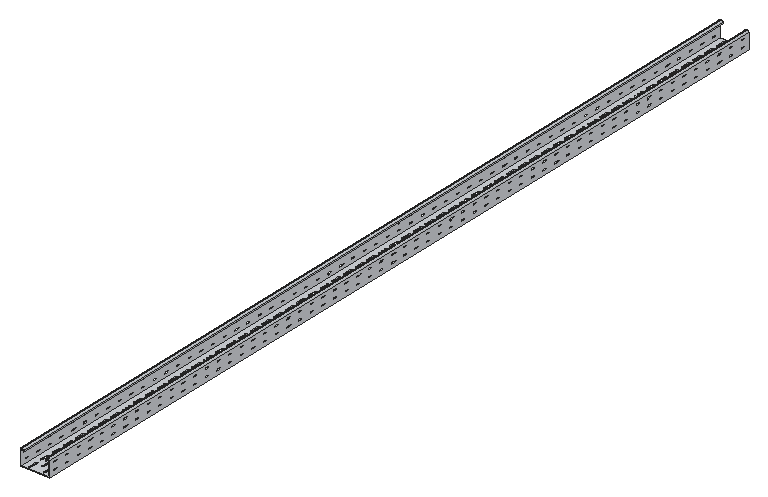
Revit family "Kabelrinne_610_FT_FS_A2_A4_FTSO", category Generic Models, Revit 2017 (continued)
Forms (mm)
  Extrusion 115, void
    sketch origin (11.074, -2600, 25) x (0, 1, 0) y (0, 0, 1)
      loop
        line (-31.5, 11.5) -> (-18.5, 11.5)
        arc (-18.5, 11.5) -> (-15, 15) -> (-18.5, 18.5) r 3.5
    from -61.074 to -59.571
  Extrusion 116, void
    sketch origin (11.074, -2650, 0) x (0, 1, 0) y (0, 0, 1)
      loop
        line (-18.5, 18.5) -> (-31.5, 18.5)
        arc (-31.5, 18.5) -> (-35, 15) -> (-31.5, 11.5) r 3.5
        line (-31.5, 11.5) -> (-18.5, 11.5)
        arc (-18.5, 11.5) -> (-15, 15) -> (-18.5, 18.5) r 3.5
    from -61.074 to -59.571
  Extrusion 117, void
    sketch origin (11.074, -2650, 25) x (0, 1, 0) y (0, 0, 1)
      loop
        line (-18.5, 18.5) -> (-31.5, 18.5)
        arc (-31.5, 18.5) -> (-35, 15) -> (-31.5, 11.5) r 3.5
        line (-31.5, 11.5) -> (-18.5, 11.5)
        arc (-18.5, 11.5) -> (-15, 15) -> (-18.5, 18.5) r 3.5
    from -61.074 to -59.571
  Extrusion 118, void
    sketch origin (11.074, -2700, 0) x (0, 1, 0) y (0, 0, 1)
      loop
        line (-18.5, 18.5) -> (-31.5, 18.5)
        arc (-31.5, 18.5) -> (-35, 15) -> (-31.5, 11.5) r 3.5
        line (-31.5, 11.5) -> (-18.5, 11.5)
        arc (-18.5, 11.5) -> (-15, 15) -> (-18.5, 18.5) r 3.5
    from -61.074 to -59.571
  Extrusion 119, void
    sketch origin (11.074, -2700, 25) x (0, 1, 0) y (0, 0, 1)
      loop
        line (-18.5, 18.5) -> (-31.5, 18.5)
        arc (-31.5, 18.5) -> (-35, 15) -> (-31.5, 11.5) r 3.5
        line (-31.5, 11.5) -> (-18.5, 11.5)
        arc (-18.5, 11.5) -> (-15, 15) -> (-18.5, 18.5) r 3.5
    from -61.074 to -59.571
  Extrusion 120, void
    sketch origin (11.074, -2750, 0) x (0, 1, 0) y (0, 0, 1)
      loop
        line (-18.5, 18.5) -> (-31.5, 18.5)
        arc (-31.5, 18.5) -> (-35, 15) -> (-31.5, 11.5) r 3.5
        line (-31.5, 11.5) -> (-18.5, 11.5)
        arc (-18.5, 11.5) -> (-15, 15) -> (-18.5, 18.5) r 3.5
    from -61.074 to -59.571
  Extrusion 121, void
    sketch origin (11.074, -2750, 25) x (0, 1, 0) y (0, 0, 1)
      loop
        line (-18.5, 18.5) -> (-31.5, 18.5)
        arc (-31.5, 18.5) -> (-35, 15) -> (-31.5, 11.5) r 3.5
        line (-31.5, 11.5) -> (-18.5, 11.5)
        arc (-18.5, 11.5) -> (-15, 15) -> (-18.5, 18.5) r 3.5
    from -61.074 to -59.571
  Extrusion 122, void
    sketch origin (11.074, -2800, 0) x (0, 1, 0) y (0, 0, 1)
      loop
        line (-18.5, 18.5) -> (-31.5, 18.5)
        arc (-31.5, 18.5) -> (-35, 15) -> (-31.5, 11.5) r 3.5
        line (-31.5, 11.5) -> (-18.5, 11.5)
        arc (-18.5, 11.5) -> (-15, 15) -> (-18.5, 18.5) r 3.5
    from -61.074 to -59.571
  Extrusion 123, void
    sketch origin (11.074, -2800, 25) x (0, 1, 0) y (0, 0, 1)
      loop
        line (-18.5, 18.5) -> (-31.5, 18.5)
        arc (-31.5, 18.5) -> (-35, 15) -> (-31.5, 11.5) r 3.5
        line (-31.5, 11.5) -> (-18.5, 11.5)
        arc (-18.5, 11.5) -> (-15, 15) -> (-18.5, 18.5) r 3.5
    from -61.074 to -59.571
  Extrusion 124, void
    sketch origin (11.074, -2850, 0) x (0, 1, 0) y (0, 0, 1)
      loop
        line (-18.5, 18.5) -> (-31.5, 18.5)
        arc (-31.5, 18.5) -> (-35, 15) -> (-31.5, 11.5) r 3.5
        line (-31.5, 11.5) -> (-18.5, 11.5)
        arc (-18.5, 11.5) -> (-15, 15) -> (-18.5, 18.5) r 3.5
    from -61.074 to -59.571
  Extrusion 125, void
    sketch origin (11.074, -2850, 25) x (0, 1, 0) y (0, 0, 1)
      loop
        line (-18.5, 18.5) -> (-31.5, 18.5)
        arc (-31.5, 18.5) -> (-35, 15) -> (-31.5, 11.5) r 3.5
        line (-31.5, 11.5) -> (-18.5, 11.5)
        arc (-18.5, 11.5) -> (-15, 15) -> (-18.5, 18.5) r 3.5
    from -61.074 to -59.571
  Extrusion 126, void
    sketch origin (11.074, -2900, 0) x (0, 1, 0) y (0, 0, 1)
      loop
        line (-18.5, 18.5) -> (-31.5, 18.5)
        arc (-31.5, 18.5) -> (-35, 15) -> (-31.5, 11.5) r 3.5
        line (-31.5, 11.5) -> (-18.5, 11.5)
        arc (-18.5, 11.5) -> (-15, 15) -> (-18.5, 18.5) r 3.5
    from -61.074 to -59.571
  Extrusion 127, void
    sketch origin (11.074, -2900, 25) x (0, 1, 0) y (0, 0, 1)
      loop
        line (-18.5, 18.5) -> (-31.5, 18.5)
        arc (-31.5, 18.5) -> (-35, 15) -> (-31.5, 11.5) r 3.5
        line (-31.5, 11.5) -> (-18.5, 11.5)
        arc (-18.5, 11.5) -> (-15, 15) -> (-18.5, 18.5) r 3.5
    from -61.074 to -59.571
  Extrusion 128, void
    sketch origin (11.074, -2950, 0) x (0, 1, 0) y (0, 0, 1)
      loop
        line (-18.5, 18.5) -> (-31.5, 18.5)
        arc (-31.5, 18.5) -> (-35, 15) -> (-31.5, 11.5) r 3.5
        line (-31.5, 11.5) -> (-18.5, 11.5)
        arc (-18.5, 11.5) -> (-15, 15) -> (-18.5, 18.5) r 3.5
    from -61.074 to -59.571
  Extrusion 129, void
    sketch origin (11.074, -2950, 25) x (0, 1, 0) y (0, 0, 1)
      loop
        line (-18.5, 18.5) -> (-31.5, 18.5)
        arc (-31.5, 18.5) -> (-35, 15) -> (-31.5, 11.5) r 3.5
        line (-31.5, 11.5) -> (-18.5, 11.5)
        arc (-18.5, 11.5) -> (-15, 15) -> (-18.5, 18.5) r 3.5
    from -61.074 to -59.571
  Extrusion 130, void
    sketch origin (-14.708, -100, 0) x (0, 1, 0) y (0, 0, 1)
      loop
        arc (-31.5, 18.5) -> (-35, 15) -> (-31.5, 11.5) r 3.5
        line (-31.5, 11.5) -> (-18.5, 11.5)
        arc (-18.5, 11.5) -> (-15, 15) -> (-18.5, 18.5) r 3.5
        line (-18.5, 18.5) -> (-31.5, 18.5)
    from 63.177 to 64.708
  Extrusion 131, void
    sketch origin (-14.708, -100, 25) x (0, 1, 0) y (0, 0, 1)
      loop
        arc (-31.5, 18.5) -> (-35, 15) -> (-31.5, 11.5) r 3.5
        line (-31.5, 11.5) -> (-18.5, 11.5)
        arc (-18.5, 11.5) -> (-15, 15) -> (-18.5, 18.5) r 3.5
        line (-18.5, 18.5) -> (-31.5, 18.5)
    from 63.177 to 64.708
  Extrusion 132, void
    sketch origin (-14.708, -150, 0) x (0, 1, 0) y (0, 0, 1)
      loop
        arc (-31.5, 18.5) -> (-35, 15) -> (-31.5, 11.5) r 3.5
        line (-31.5, 11.5) -> (-18.5, 11.5)
        arc (-18.5, 11.5) -> (-15, 15) -> (-18.5, 18.5) r 3.5
        line (-18.5, 18.5) -> (-31.5, 18.5)
    from 63.177 to 64.708
  Extrusion 133, void
    sketch origin (-14.708, -150, 25) x (0, 1, 0) y (0, 0, 1)
      loop
        arc (-31.5, 18.5) -> (-35, 15) -> (-31.5, 11.5) r 3.5
        line (-31.5, 11.5) -> (-18.5, 11.5)
        arc (-18.5, 11.5) -> (-15, 15) -> (-18.5, 18.5) r 3.5
        line (-18.5, 18.5) -> (-31.5, 18.5)
    from 63.177 to 64.708
  Extrusion 134, void
    sketch origin (-14.708, -200, 0) x (0, 1, 0) y (0, 0, 1)
      loop
        arc (-31.5, 18.5) -> (-35, 15) -> (-31.5, 11.5) r 3.5
        line (-31.5, 11.5) -> (-18.5, 11.5)
        arc (-18.5, 11.5) -> (-15, 15) -> (-18.5, 18.5) r 3.5
        line (-18.5, 18.5) -> (-31.5, 18.5)
    from 63.177 to 64.708
  Extrusion 135, void
    sketch origin (-14.708, -200, 25) x (0, 1, 0) y (0, 0, 1)
      loop
        arc (-31.5, 18.5) -> (-35, 15) -> (-31.5, 11.5) r 3.5
        line (-31.5, 11.5) -> (-18.5, 11.5)
        arc (-18.5, 11.5) -> (-15, 15) -> (-18.5, 18.5) r 3.5
        line (-18.5, 18.5) -> (-31.5, 18.5)
    from 63.177 to 64.708
  Extrusion 136, void
    sketch origin (-14.708, -250, 0) x (0, 1, 0) y (0, 0, 1)
      loop
        arc (-31.5, 18.5) -> (-35, 15) -> (-31.5, 11.5) r 3.5
        line (-31.5, 11.5) -> (-18.5, 11.5)
        arc (-18.5, 11.5) -> (-15, 15) -> (-18.5, 18.5) r 3.5
        line (-18.5, 18.5) -> (-31.5, 18.5)
    from 63.177 to 64.708
  Extrusion 137, void
    sketch origin (-14.708, -250, 25) x (0, 1, 0) y (0, 0, 1)
      loop
        arc (-31.5, 18.5) -> (-35, 15) -> (-31.5, 11.5) r 3.5
        line (-31.5, 11.5) -> (-18.5, 11.5)
        arc (-18.5, 11.5) -> (-15, 15) -> (-18.5, 18.5) r 3.5
        line (-18.5, 18.5) -> (-31.5, 18.5)
    from 63.177 to 64.708
  Extrusion 138, void
    sketch origin (-14.708, -300, 0) x (0, 1, 0) y (0, 0, 1)
      loop
        arc (-31.5, 18.5) -> (-35, 15) -> (-31.5, 11.5) r 3.5
        line (-31.5, 11.5) -> (-18.5, 11.5)
        arc (-18.5, 11.5) -> (-15, 15) -> (-18.5, 18.5) r 3.5
        line (-18.5, 18.5) -> (-31.5, 18.5)
    from 63.177 to 64.708
  Extrusion 139, void
    sketch origin (-14.708, -300, 25) x (0, 1, 0) y (0, 0, 1)
      loop
        arc (-31.5, 18.5) -> (-35, 15) -> (-31.5, 11.5) r 3.5
        line (-31.5, 11.5) -> (-18.5, 11.5)
        arc (-18.5, 11.5) -> (-15, 15) -> (-18.5, 18.5) r 3.5
        line (-18.5, 18.5) -> (-31.5, 18.5)
    from 63.177 to 64.708
  Extrusion 140, void
    sketch origin (-14.708, -350, 0) x (0, 1, 0) y (0, 0, 1)
      loop
        arc (-31.5, 18.5) -> (-35, 15) -> (-31.5, 11.5) r 3.5
        line (-31.5, 11.5) -> (-18.5, 11.5)
        arc (-18.5, 11.5) -> (-15, 15) -> (-18.5, 18.5) r 3.5
        line (-18.5, 18.5) -> (-31.5, 18.5)
    from 63.177 to 64.708
  Extrusion 141, void
    sketch origin (-14.708, -350, 25) x (0, 1, 0) y (0, 0, 1)
      loop
        arc (-31.5, 18.5) -> (-35, 15) -> (-31.5, 11.5) r 3.5
        line (-31.5, 11.5) -> (-18.5, 11.5)
        arc (-18.5, 11.5) -> (-15, 15) -> (-18.5, 18.5) r 3.5
        line (-18.5, 18.5) -> (-31.5, 18.5)
    from 63.177 to 64.708
  Extrusion 142, void
    sketch origin (-14.708, -400, 0) x (0, 1, 0) y (0, 0, 1)
      loop
        arc (-31.5, 18.5) -> (-35, 15) -> (-31.5, 11.5) r 3.5
        line (-31.5, 11.5) -> (-18.5, 11.5)
        arc (-18.5, 11.5) -> (-15, 15) -> (-18.5, 18.5) r 3.5
        line (-18.5, 18.5) -> (-31.5, 18.5)
    from 63.177 to 64.708
  Extrusion 143, void
    sketch origin (-14.708, -400, 25) x (0, 1, 0) y (0, 0, 1)
      loop
        arc (-31.5, 18.5) -> (-35, 15) -> (-31.5, 11.5) r 3.5
        line (-31.5, 11.5) -> (-18.5, 11.5)
        arc (-18.5, 11.5) -> (-15, 15) -> (-18.5, 18.5) r 3.5
        line (-18.5, 18.5) -> (-31.5, 18.5)
    from 63.177 to 64.708
  Extrusion 144, void
    sketch origin (-14.708, -450, 0) x (0, 1, 0) y (0, 0, 1)
      loop
        arc (-31.5, 18.5) -> (-35, 15) -> (-31.5, 11.5) r 3.5
        line (-31.5, 11.5) -> (-18.5, 11.5)
        arc (-18.5, 11.5) -> (-15, 15) -> (-18.5, 18.5) r 3.5
        line (-18.5, 18.5) -> (-31.5, 18.5)
    from 63.177 to 64.708
  Extrusion 145, void
    sketch origin (-14.708, -450, 25) x (0, 1, 0) y (0, 0, 1)
      loop
        arc (-31.5, 18.5) -> (-35, 15) -> (-31.5, 11.5) r 3.5
        line (-31.5, 11.5) -> (-18.5, 11.5)
        arc (-18.5, 11.5) -> (-15, 15) -> (-18.5, 18.5) r 3.5
        line (-18.5, 18.5) -> (-31.5, 18.5)
    from 63.177 to 64.708
  Extrusion 146, void
    sketch origin (-14.708, -500, 0) x (0, 1, 0) y (0, 0, 1)
      loop
        arc (-31.5, 18.5) -> (-35, 15) -> (-31.5, 11.5) r 3.5
        line (-31.5, 11.5) -> (-18.5, 11.5)
        arc (-18.5, 11.5) -> (-15, 15) -> (-18.5, 18.5) r 3.5
        line (-18.5, 18.5) -> (-31.5, 18.5)
    from 63.177 to 64.708
  Extrusion 147, void
    sketch origin (-14.708, -500, 25) x (0, 1, 0) y (0, 0, 1)
      loop
        arc (-31.5, 18.5) -> (-35, 15) -> (-31.5, 11.5) r 3.5
        line (-31.5, 11.5) -> (-18.5, 11.5)
        arc (-18.5, 11.5) -> (-15, 15) -> (-18.5, 18.5) r 3.5
        line (-18.5, 18.5) -> (-31.5, 18.5)
    from 63.177 to 64.708
  Extrusion 148, void
    sketch origin (-14.708, -550, 0) x (0, 1, 0) y (0, 0, 1)
      loop
        arc (-31.5, 18.5) -> (-35, 15) -> (-31.5, 11.5) r 3.5
        line (-31.5, 11.5) -> (-18.5, 11.5)
        arc (-18.5, 11.5) -> (-15, 15) -> (-18.5, 18.5) r 3.5
        line (-18.5, 18.5) -> (-31.5, 18.5)
    from 63.177 to 64.708
  Extrusion 149, void
    sketch origin (-14.708, -550, 25) x (0, 1, 0) y (0, 0, 1)
      loop
        arc (-31.5, 18.5) -> (-35, 15) -> (-31.5, 11.5) r 3.5
        line (-31.5, 11.5) -> (-18.5, 11.5)
        arc (-18.5, 11.5) -> (-15, 15) -> (-18.5, 18.5) r 3.5
        line (-18.5, 18.5) -> (-31.5, 18.5)
    from 63.177 to 64.708
  Extrusion 150, void
    sketch origin (-14.708, -600, 0) x (0, 1, 0) y (0, 0, 1)
      loop
        arc (-31.5, 18.5) -> (-35, 15) -> (-31.5, 11.5) r 3.5
        line (-31.5, 11.5) -> (-18.5, 11.5)
        arc (-18.5, 11.5) -> (-15, 15) -> (-18.5, 18.5) r 3.5
        line (-18.5, 18.5) -> (-31.5, 18.5)
    from 63.177 to 64.708
  Extrusion 151, void
    sketch origin (-14.708, -600, 25) x (0, 1, 0) y (0, 0, 1)
      loop
        arc (-31.5, 18.5) -> (-35, 15) -> (-31.5, 11.5) r 3.5
        line (-31.5, 11.5) -> (-18.5, 11.5)
        arc (-18.5, 11.5) -> (-15, 15) -> (-18.5, 18.5) r 3.5
        line (-18.5, 18.5) -> (-31.5, 18.5)
    from 63.177 to 64.708
  Extrusion 152, void
    sketch origin (-14.708, -650, 0) x (0, 1, 0) y (0, 0, 1)
      loop
        arc (-31.5, 18.5) -> (-35, 15) -> (-31.5, 11.5) r 3.5
        line (-31.5, 11.5) -> (-18.5, 11.5)
        arc (-18.5, 11.5) -> (-15, 15) -> (-18.5, 18.5) r 3.5
        line (-18.5, 18.5) -> (-31.5, 18.5)
    from 63.177 to 64.708
  Extrusion 153, void
    sketch origin (-14.708, -650, 25) x (0, 1, 0) y (0, 0, 1)
      loop
        arc (-31.5, 18.5) -> (-35, 15) -> (-31.5, 11.5) r 3.5
        line (-31.5, 11.5) -> (-18.5, 11.5)
        arc (-18.5, 11.5) -> (-15, 15) -> (-18.5, 18.5) r 3.5
        line (-18.5, 18.5) -> (-31.5, 18.5)
    from 63.177 to 64.708
  Extrusion 154, void
    sketch origin (-14.708, -700, 0) x (0, 1, 0) y (0, 0, 1)
      loop
        arc (-31.5, 18.5) -> (-35, 15) -> (-31.5, 11.5) r 3.5
        line (-31.5, 11.5) -> (-18.5, 11.5)
        arc (-18.5, 11.5) -> (-15, 15) -> (-18.5, 18.5) r 3.5
        line (-18.5, 18.5) -> (-31.5, 18.5)
    from 63.177 to 64.708
  Extrusion 155, void
    sketch origin (-14.708, -700, 25) x (0, 1, 0) y (0, 0, 1)
      loop
        arc (-31.5, 18.5) -> (-35, 15) -> (-31.5, 11.5) r 3.5
        line (-31.5, 11.5) -> (-18.5, 11.5)
        arc (-18.5, 11.5) -> (-15, 15) -> (-18.5, 18.5) r 3.5
        line (-18.5, 18.5) -> (-31.5, 18.5)
    from 63.177 to 64.708
  Extrusion 156, void
    sketch origin (-14.708, -750, 0) x (0, 1, 0) y (0, 0, 1)
      loop
        arc (-31.5, 18.5) -> (-35, 15) -> (-31.5, 11.5) r 3.5
        line (-31.5, 11.5) -> (-18.5, 11.5)
        arc (-18.5, 11.5) -> (-15, 15) -> (-18.5, 18.5) r 3.5
        line (-18.5, 18.5) -> (-31.5, 18.5)
    from 63.177 to 64.708
  Extrusion 157, void
    sketch origin (-14.708, -750, 25) x (0, 1, 0) y (0, 0, 1)
      loop
        arc (-31.5, 18.5) -> (-35, 15) -> (-31.5, 11.5) r 3.5
        line (-31.5, 11.5) -> (-18.5, 11.5)
        arc (-18.5, 11.5) -> (-15, 15) -> (-18.5, 18.5) r 3.5
        line (-18.5, 18.5) -> (-31.5, 18.5)
    from 63.177 to 64.708
  Extrusion 158, void
    sketch origin (-14.708, -800, 0) x (0, 1, 0) y (0, 0, 1)
      loop
        arc (-31.5, 18.5) -> (-35, 15) -> (-31.5, 11.5) r 3.5
        line (-31.5, 11.5) -> (-18.5, 11.5)
        arc (-18.5, 11.5) -> (-15, 15) -> (-18.5, 18.5) r 3.5
        line (-18.5, 18.5) -> (-31.5, 18.5)
    from 63.177 to 64.708
  Extrusion 159, void
    sketch origin (-14.708, -800, 25) x (0, 1, 0) y (0, 0, 1)
      loop
        arc (-31.5, 18.5) -> (-35, 15) -> (-31.5, 11.5) r 3.5
        line (-31.5, 11.5) -> (-18.5, 11.5)
        arc (-18.5, 11.5) -> (-15, 15) -> (-18.5, 18.5) r 3.5
        line (-18.5, 18.5) -> (-31.5, 18.5)
    from 63.177 to 64.708
  Extrusion 160, void
    sketch origin (-14.708, -850, 0) x (0, 1, 0) y (0, 0, 1)
      loop
        arc (-31.5, 18.5) -> (-35, 15) -> (-31.5, 11.5) r 3.5
        line (-31.5, 11.5) -> (-18.5, 11.5)
        arc (-18.5, 11.5) -> (-15, 15) -> (-18.5, 18.5) r 3.5
        line (-18.5, 18.5) -> (-31.5, 18.5)
    from 63.177 to 64.708
  Extrusion 161, void
    sketch origin (-14.708, -850, 25) x (0, 1, 0) y (0, 0, 1)
      loop
        arc (-31.5, 18.5) -> (-35, 15) -> (-31.5, 11.5) r 3.5
        line (-31.5, 11.5) -> (-18.5, 11.5)
        arc (-18.5, 11.5) -> (-15, 15) -> (-18.5, 18.5) r 3.5
        line (-18.5, 18.5) -> (-31.5, 18.5)
    from 63.177 to 64.708
  Extrusion 162, void
    sketch origin (-14.708, -900, 0) x (0, 1, 0) y (0, 0, 1)
      loop
        arc (-31.5, 18.5) -> (-35, 15) -> (-31.5, 11.5) r 3.5
        line (-31.5, 11.5) -> (-18.5, 11.5)
        arc (-18.5, 11.5) -> (-15, 15) -> (-18.5, 18.5) r 3.5
        line (-18.5, 18.5) -> (-31.5, 18.5)
    from 63.177 to 64.708
  Extrusion 163, void
    sketch origin (-14.708, -900, 25) x (0, 1, 0) y (0, 0, 1)
      loop
        arc (-31.5, 18.5) -> (-35, 15) -> (-31.5, 11.5) r 3.5
        line (-31.5, 11.5) -> (-18.5, 11.5)
        arc (-18.5, 11.5) -> (-15, 15) -> (-18.5, 18.5) r 3.5
        line (-18.5, 18.5) -> (-31.5, 18.5)
    from 63.177 to 64.708
  Extrusion 164, void
    sketch origin (-14.708, -950, 0) x (0, 1, 0) y (0, 0, 1)
      loop
        arc (-31.5, 18.5) -> (-35, 15) -> (-31.5, 11.5) r 3.5
        line (-31.5, 11.5) -> (-18.5, 11.5)
        arc (-18.5, 11.5) -> (-15, 15) -> (-18.5, 18.5) r 3.5
        line (-18.5, 18.5) -> (-31.5, 18.5)
    from 63.177 to 64.708
  Extrusion 165, void
    sketch origin (-14.708, -950, 25) x (0, 1, 0) y (0, 0, 1)
      loop
        arc (-31.5, 18.5) -> (-35, 15) -> (-31.5, 11.5) r 3.5
        line (-31.5, 11.5) -> (-18.5, 11.5)
        arc (-18.5, 11.5) -> (-15, 15) -> (-18.5, 18.5) r 3.5
        line (-18.5, 18.5) -> (-31.5, 18.5)
    from 63.177 to 64.708
  Extrusion 166, void
    sketch origin (-14.708, -1000, 0) x (0, 1, 0) y (0, 0, 1)
      loop
        arc (-31.5, 18.5) -> (-35, 15) -> (-31.5, 11.5) r 3.5
        line (-31.5, 11.5) -> (-18.5, 11.5)
        arc (-18.5, 11.5) -> (-15, 15) -> (-18.5, 18.5) r 3.5
        line (-18.5, 18.5) -> (-31.5, 18.5)
    from 63.177 to 64.708
  Extrusion 167, void
    sketch origin (-14.708, -1000, 25) x (0, 1, 0) y (0, 0, 1)
      loop
        arc (-31.5, 18.5) -> (-35, 15) -> (-31.5, 11.5) r 3.5
        line (-31.5, 11.5) -> (-18.5, 11.5)
        arc (-18.5, 11.5) -> (-15, 15) -> (-18.5, 18.5) r 3.5
        line (-18.5, 18.5) -> (-31.5, 18.5)
    from 63.177 to 64.708
  Extrusion 168, void
    sketch origin (-14.708, -1050, 0) x (0, 1, 0) y (0, 0, 1)
      loop
        arc (-31.5, 18.5) -> (-35, 15) -> (-31.5, 11.5) r 3.5
        line (-31.5, 11.5) -> (-18.5, 11.5)
        arc (-18.5, 11.5) -> (-15, 15) -> (-18.5, 18.5) r 3.5
        line (-18.5, 18.5) -> (-31.5, 18.5)
    from 63.177 to 64.708
  Extrusion 169, void
    sketch origin (-14.708, -1050, 25) x (0, 1, 0) y (0, 0, 1)
      loop
        arc (-31.5, 18.5) -> (-35, 15) -> (-31.5, 11.5) r 3.5
        line (-31.5, 11.5) -> (-18.5, 11.5)
        arc (-18.5, 11.5) -> (-15, 15) -> (-18.5, 18.5) r 3.5
        line (-18.5, 18.5) -> (-31.5, 18.5)
    from 63.177 to 64.708
  Extrusion 170, void
    sketch origin (-14.708, -1100, 0) x (0, 1, 0) y (0, 0, 1)
      loop
        arc (-31.5, 18.5) -> (-35, 15) -> (-31.5, 11.5) r 3.5
        line (-31.5, 11.5) -> (-18.5, 11.5)
        arc (-18.5, 11.5) -> (-15, 15) -> (-18.5, 18.5) r 3.5
        line (-18.5, 18.5) -> (-31.5, 18.5)
    from 63.177 to 64.708
  Extrusion 171, void
    sketch origin (-14.708, -1100, 25) x (0, 1, 0) y (0, 0, 1)
      loop
        arc (-31.5, 18.5) -> (-35, 15) -> (-31.5, 11.5) r 3.5
        line (-31.5, 11.5) -> (-18.5, 11.5)
        arc (-18.5, 11.5) -> (-15, 15) -> (-18.5, 18.5) r 3.5
        line (-18.5, 18.5) -> (-31.5, 18.5)
    from 63.177 to 64.708
  Extrusion 172, void
    sketch origin (-14.708, -1150, 0) x (0, 1, 0) y (0, 0, 1)
      loop
        arc (-31.5, 18.5) -> (-35, 15) -> (-31.5, 11.5) r 3.5
        line (-31.5, 11.5) -> (-18.5, 11.5)
        arc (-18.5, 11.5) -> (-15, 15) -> (-18.5, 18.5) r 3.5
        line (-18.5, 18.5) -> (-31.5, 18.5)
    from 63.177 to 64.708
  Extrusion 173, void
    sketch origin (-14.708, -1150, 25) x (0, 1, 0) y (0, 0, 1)
      loop
        arc (-31.5, 18.5) -> (-35, 15) -> (-31.5, 11.5) r 3.5
        line (-31.5, 11.5) -> (-18.5, 11.5)
        arc (-18.5, 11.5) -> (-15, 15) -> (-18.5, 18.5) r 3.5
        line (-18.5, 18.5) -> (-31.5, 18.5)
    from 63.177 to 64.708
  Extrusion 174, void
    sketch origin (-14.708, -1200, 0) x (0, 1, 0) y (0, 0, 1)
      loop
        arc (-31.5, 18.5) -> (-35, 15) -> (-31.5, 11.5) r 3.5
        line (-31.5, 11.5) -> (-18.5, 11.5)
        arc (-18.5, 11.5) -> (-15, 15) -> (-18.5, 18.5) r 3.5
        line (-18.5, 18.5) -> (-31.5, 18.5)
    from 63.177 to 64.708
  Extrusion 175, void
    sketch origin (-14.708, -1200, 25) x (0, 1, 0) y (0, 0, 1)
      loop
        arc (-31.5, 18.5) -> (-35, 15) -> (-31.5, 11.5) r 3.5
        line (-31.5, 11.5) -> (-18.5, 11.5)
        arc (-18.5, 11.5) -> (-15, 15) -> (-18.5, 18.5) r 3.5
        line (-18.5, 18.5) -> (-31.5, 18.5)
    from 63.177 to 64.708
  Extrusion 176, void
    sketch origin (-14.708, -1250, 0) x (0, 1, 0) y (0, 0, 1)
      loop
        arc (-31.5, 18.5) -> (-35, 15) -> (-31.5, 11.5) r 3.5
        line (-31.5, 11.5) -> (-18.5, 11.5)
        arc (-18.5, 11.5) -> (-15, 15) -> (-18.5, 18.5) r 3.5
        line (-18.5, 18.5) -> (-31.5, 18.5)
    from 63.177 to 64.708
  Extrusion 177, void
    sketch origin (-14.708, -1250, 25) x (0, 1, 0) y (0, 0, 1)
      loop
        arc (-31.5, 18.5) -> (-35, 15) -> (-31.5, 11.5) r 3.5
        line (-31.5, 11.5) -> (-18.5, 11.5)
        arc (-18.5, 11.5) -> (-15, 15) -> (-18.5, 18.5) r 3.5
        line (-18.5, 18.5) -> (-31.5, 18.5)
    from 63.177 to 64.708
  Extrusion 178, void
    sketch origin (-14.708, -1300, 0) x (0, 1, 0) y (0, 0, 1)
      loop
        arc (-31.5, 18.5) -> (-35, 15) -> (-31.5, 11.5) r 3.5
        line (-31.5, 11.5) -> (-18.5, 11.5)
        arc (-18.5, 11.5) -> (-15, 15) -> (-18.5, 18.5) r 3.5
        line (-18.5, 18.5) -> (-31.5, 18.5)
    from 63.177 to 64.708
  Extrusion 179, void
    sketch origin (-14.708, -1300, 25) x (0, 1, 0) y (0, 0, 1)
      loop
        arc (-31.5, 18.5) -> (-35, 15) -> (-31.5, 11.5) r 3.5
        line (-31.5, 11.5) -> (-18.5, 11.5)
        arc (-18.5, 11.5) -> (-15, 15) -> (-18.5, 18.5) r 3.5
        line (-18.5, 18.5) -> (-31.5, 18.5)
    from 63.177 to 64.708
  Extrusion 180, void
    sketch origin (-14.708, -1350, 0) x (0, 1, 0) y (0, 0, 1)
      loop
        arc (-31.5, 18.5) -> (-35, 15) -> (-31.5, 11.5) r 3.5
        line (-31.5, 11.5) -> (-18.5, 11.5)
        arc (-18.5, 11.5) -> (-15, 15) -> (-18.5, 18.5) r 3.5
        line (-18.5, 18.5) -> (-31.5, 18.5)
    from 63.177 to 64.708
  Extrusion 181, void
    sketch origin (-14.708, -1350, 25) x (0, 1, 0) y (0, 0, 1)
      loop
        arc (-31.5, 18.5) -> (-35, 15) -> (-31.5, 11.5) r 3.5
        line (-31.5, 11.5) -> (-18.5, 11.5)
        arc (-18.5, 11.5) -> (-15, 15) -> (-18.5, 18.5) r 3.5
        line (-18.5, 18.5) -> (-31.5, 18.5)
    from 63.177 to 64.708
  Extrusion 182, void
    sketch origin (-14.708, -1400, 0) x (0, 1, 0) y (0, 0, 1)
      loop
        arc (-31.5, 18.5) -> (-35, 15) -> (-31.5, 11.5) r 3.5
        line (-31.5, 11.5) -> (-18.5, 11.5)
        arc (-18.5, 11.5) -> (-15, 15) -> (-18.5, 18.5) r 3.5
        line (-18.5, 18.5) -> (-31.5, 18.5)
    from 63.177 to 64.708
  Extrusion 183, void
    sketch origin (-14.708, -1400, 25) x (0, 1, 0) y (0, 0, 1)
      loop
        arc (-31.5, 18.5) -> (-35, 15) -> (-31.5, 11.5) r 3.5
        line (-31.5, 11.5) -> (-18.5, 11.5)
        arc (-18.5, 11.5) -> (-15, 15) -> (-18.5, 18.5) r 3.5
        line (-18.5, 18.5) -> (-31.5, 18.5)
    from 63.177 to 64.708
  Extrusion 184, void
    sketch origin (-14.708, -1450, 0) x (0, 1, 0) y (0, 0, 1)
      loop
        arc (-31.5, 18.5) -> (-35, 15) -> (-31.5, 11.5) r 3.5
        line (-31.5, 11.5) -> (-18.5, 11.5)
        arc (-18.5, 11.5) -> (-15, 15) -> (-18.5, 18.5) r 3.5
        line (-18.5, 18.5) -> (-31.5, 18.5)
    from 63.177 to 64.708
  Extrusion 185, void
    sketch origin (-14.708, -1450, 25) x (0, 1, 0) y (0, 0, 1)
      loop
        arc (-31.5, 18.5) -> (-35, 15) -> (-31.5, 11.5) r 3.5
        line (-31.5, 11.5) -> (-18.5, 11.5)
        arc (-18.5, 11.5) -> (-15, 15) -> (-18.5, 18.5) r 3.5
        line (-18.5, 18.5) -> (-31.5, 18.5)
    from 63.177 to 64.708
  Extrusion 186, void
    sketch origin (-14.708, -1500, 0) x (0, 1, 0) y (0, 0, 1)
      loop
        arc (-31.5, 18.5) -> (-35, 15) -> (-31.5, 11.5) r 3.5
        line (-31.5, 11.5) -> (-18.5, 11.5)
        arc (-18.5, 11.5) -> (-15, 15) -> (-18.5, 18.5) r 3.5
        line (-18.5, 18.5) -> (-31.5, 18.5)
    from 63.177 to 64.708
  Extrusion 187, void
    sketch origin (-14.708, -1500, 25) x (0, 1, 0) y (0, 0, 1)
      loop
        arc (-31.5, 18.5) -> (-35, 15) -> (-31.5, 11.5) r 3.5
        line (-31.5, 11.5) -> (-18.5, 11.5)
        arc (-18.5, 11.5) -> (-15, 15) -> (-18.5, 18.5) r 3.5
        line (-18.5, 18.5) -> (-31.5, 18.5)
    from 63.177 to 64.708
  Extrusion 188, void
    sketch origin (-14.708, -1550, 0) x (0, 1, 0) y (0, 0, 1)
      loop
        arc (-31.5, 18.5) -> (-35, 15) -> (-31.5, 11.5) r 3.5
        line (-31.5, 11.5) -> (-18.5, 11.5)
        arc (-18.5, 11.5) -> (-15, 15) -> (-18.5, 18.5) r 3.5
        line (-18.5, 18.5) -> (-31.5, 18.5)
    from 63.177 to 64.708
  Extrusion 189, void
    sketch origin (-14.708, -1550, 25) x (0, 1, 0) y (0, 0, 1)
      loop
        arc (-31.5, 18.5) -> (-35, 15) -> (-31.5, 11.5) r 3.5
        line (-31.5, 11.5) -> (-18.5, 11.5)
        arc (-18.5, 11.5) -> (-15, 15) -> (-18.5, 18.5) r 3.5
        line (-18.5, 18.5) -> (-31.5, 18.5)
    from 63.177 to 64.708
  Extrusion 190, void
    sketch origin (-14.708, -1600, 0) x (0, 1, 0) y (0, 0, 1)
      loop
        arc (-31.5, 18.5) -> (-35, 15) -> (-31.5, 11.5) r 3.5
        line (-31.5, 11.5) -> (-18.5, 11.5)
        arc (-18.5, 11.5) -> (-15, 15) -> (-18.5, 18.5) r 3.5
        line (-18.5, 18.5) -> (-31.5, 18.5)
    from 63.177 to 64.708
  Extrusion 191, void
    sketch origin (-14.708, -1600, 25) x (0, 1, 0) y (0, 0, 1)
      loop
        arc (-31.5, 18.5) -> (-35, 15) -> (-31.5, 11.5) r 3.5
        line (-31.5, 11.5) -> (-18.5, 11.5)
        arc (-18.5, 11.5) -> (-15, 15) -> (-18.5, 18.5) r 3.5
        line (-18.5, 18.5) -> (-31.5, 18.5)
    from 63.177 to 64.708
  Extrusion 192, void
    sketch origin (-14.708, -1650, 0) x (0, 1, 0) y (0, 0, 1)
      loop
        arc (-31.5, 18.5) -> (-35, 15) -> (-31.5, 11.5) r 3.5
        line (-31.5, 11.5) -> (-18.5, 11.5)
        arc (-18.5, 11.5) -> (-15, 15) -> (-18.5, 18.5) r 3.5
        line (-18.5, 18.5) -> (-31.5, 18.5)
    from 63.177 to 64.708
  Extrusion 193, void
    sketch origin (-14.708, -1650, 25) x (0, 1, 0) y (0, 0, 1)
      loop
        arc (-31.5, 18.5) -> (-35, 15) -> (-31.5, 11.5) r 3.5
        line (-31.5, 11.5) -> (-18.5, 11.5)
        arc (-18.5, 11.5) -> (-15, 15) -> (-18.5, 18.5) r 3.5
        line (-18.5, 18.5) -> (-31.5, 18.5)
    from 63.177 to 64.708
  Extrusion 194, void
    sketch origin (-14.708, -1700, 0) x (0, 1, 0) y (0, 0, 1)
      loop
        arc (-31.5, 18.5) -> (-35, 15) -> (-31.5, 11.5) r 3.5
        line (-31.5, 11.5) -> (-18.5, 11.5)
        arc (-18.5, 11.5) -> (-15, 15) -> (-18.5, 18.5) r 3.5
        line (-18.5, 18.5) -> (-31.5, 18.5)
    from 63.177 to 64.708
  Extrusion 195, void
    sketch origin (-14.708, -1700, 25) x (0, 1, 0) y (0, 0, 1)
      loop
        arc (-31.5, 18.5) -> (-35, 15) -> (-31.5, 11.5) r 3.5
        line (-31.5, 11.5) -> (-18.5, 11.5)
        arc (-18.5, 11.5) -> (-15, 15) -> (-18.5, 18.5) r 3.5
        line (-18.5, 18.5) -> (-31.5, 18.5)
    from 63.177 to 64.708
  Extrusion 196, void
    sketch origin (-14.708, -1750, 0) x (0, 1, 0) y (0, 0, 1)
      loop
        arc (-31.5, 18.5) -> (-35, 15) -> (-31.5, 11.5) r 3.5
        line (-31.5, 11.5) -> (-18.5, 11.5)
        arc (-18.5, 11.5) -> (-15, 15) -> (-18.5, 18.5) r 3.5
        line (-18.5, 18.5) -> (-31.5, 18.5)
    from 63.177 to 64.708
  Extrusion 197, void
    sketch origin (-14.708, -1750, 25) x (0, 1, 0) y (0, 0, 1)
      loop
        arc (-31.5, 18.5) -> (-35, 15) -> (-31.5, 11.5) r 3.5
        line (-31.5, 11.5) -> (-18.5, 11.5)
        arc (-18.5, 11.5) -> (-15, 15) -> (-18.5, 18.5) r 3.5
        line (-18.5, 18.5) -> (-31.5, 18.5)
    from 63.177 to 64.708
  Extrusion 198, void
    sketch origin (-14.708, -1800, 0) x (0, 1, 0) y (0, 0, 1)
      loop
        arc (-31.5, 18.5) -> (-35, 15) -> (-31.5, 11.5) r 3.5
        line (-31.5, 11.5) -> (-18.5, 11.5)
        arc (-18.5, 11.5) -> (-15, 15) -> (-18.5, 18.5) r 3.5
        line (-18.5, 18.5) -> (-31.5, 18.5)
    from 63.177 to 64.708
  Extrusion 199, void
    sketch origin (-14.708, -1800, 25) x (0, 1, 0) y (0, 0, 1)
      loop
        arc (-31.5, 18.5) -> (-35, 15) -> (-31.5, 11.5) r 3.5
        line (-31.5, 11.5) -> (-18.5, 11.5)
        arc (-18.5, 11.5) -> (-15, 15) -> (-18.5, 18.5) r 3.5
        line (-18.5, 18.5) -> (-31.5, 18.5)
    from 63.177 to 64.708
  Extrusion 200, void
    sketch origin (-14.708, -1850, 0) x (0, 1, 0) y (0, 0, 1)
      loop
        arc (-31.5, 18.5) -> (-35, 15) -> (-31.5, 11.5) r 3.5
        line (-31.5, 11.5) -> (-18.5, 11.5)
        arc (-18.5, 11.5) -> (-15, 15) -> (-18.5, 18.5) r 3.5
        line (-18.5, 18.5) -> (-31.5, 18.5)
    from 63.177 to 64.708
  Extrusion 201, void
    sketch origin (-14.708, -1850, 25) x (0, 1, 0) y (0, 0, 1)
      loop
        arc (-31.5, 18.5) -> (-35, 15) -> (-31.5, 11.5) r 3.5
        line (-31.5, 11.5) -> (-18.5, 11.5)
        arc (-18.5, 11.5) -> (-15, 15) -> (-18.5, 18.5) r 3.5
        line (-18.5, 18.5) -> (-31.5, 18.5)
    from 63.177 to 64.708
  Extrusion 202, void
    sketch origin (-14.708, -1900, 0) x (0, 1, 0) y (0, 0, 1)
      loop
        arc (-31.5, 18.5) -> (-35, 15) -> (-31.5, 11.5) r 3.5
        line (-31.5, 11.5) -> (-18.5, 11.5)
        arc (-18.5, 11.5) -> (-15, 15) -> (-18.5, 18.5) r 3.5
        line (-18.5, 18.5) -> (-31.5, 18.5)
    from 63.177 to 64.708
  Extrusion 203, void
    sketch origin (-14.708, -1900, 25) x (0, 1, 0) y (0, 0, 1)
      loop
        arc (-31.5, 18.5) -> (-35, 15) -> (-31.5, 11.5) r 3.5
        line (-31.5, 11.5) -> (-18.5, 11.5)
        arc (-18.5, 11.5) -> (-15, 15) -> (-18.5, 18.5) r 3.5
        line (-18.5, 18.5) -> (-31.5, 18.5)
    from 63.177 to 64.708
  Extrusion 204, void
    sketch origin (-14.708, -1950, 0) x (0, 1, 0) y (0, 0, 1)
      loop
        arc (-31.5, 18.5) -> (-35, 15) -> (-31.5, 11.5) r 3.5
        line (-31.5, 11.5) -> (-18.5, 11.5)
        arc (-18.5, 11.5) -> (-15, 15) -> (-18.5, 18.5) r 3.5
        line (-18.5, 18.5) -> (-31.5, 18.5)
    from 63.177 to 64.708
  Extrusion 205, void
    sketch origin (-14.708, -1950, 25) x (0, 1, 0) y (0, 0, 1)
      loop
        arc (-31.5, 18.5) -> (-35, 15) -> (-31.5, 11.5) r 3.5
        line (-31.5, 11.5) -> (-18.5, 11.5)
        arc (-18.5, 11.5) -> (-15, 15) -> (-18.5, 18.5) r 3.5
        line (-18.5, 18.5) -> (-31.5, 18.5)
    from 63.177 to 64.708
  Extrusion 206, void
    sketch origin (-14.708, -2000, 0) x (0, 1, 0) y (0, 0, 1)
      loop
        arc (-31.5, 18.5) -> (-35, 15) -> (-31.5, 11.5) r 3.5
        line (-31.5, 11.5) -> (-18.5, 11.5)
        arc (-18.5, 11.5) -> (-15, 15) -> (-18.5, 18.5) r 3.5
        line (-18.5, 18.5) -> (-31.5, 18.5)
    from 63.177 to 64.708
  Extrusion 207, void
    sketch origin (-14.708, -2000, 25) x (0, 1, 0) y (0, 0, 1)
      loop
        arc (-31.5, 18.5) -> (-35, 15) -> (-31.5, 11.5) r 3.5
        line (-31.5, 11.5) -> (-18.5, 11.5)
        arc (-18.5, 11.5) -> (-15, 15) -> (-18.5, 18.5) r 3.5
        line (-18.5, 18.5) -> (-31.5, 18.5)
    from 63.177 to 64.708
  Extrusion 208, void
    sketch origin (-14.708, -2050, 0) x (0, 1, 0) y (0, 0, 1)
      loop
        arc (-31.5, 18.5) -> (-35, 15) -> (-31.5, 11.5) r 3.5
        line (-31.5, 11.5) -> (-18.5, 11.5)
        arc (-18.5, 11.5) -> (-15, 15) -> (-18.5, 18.5) r 3.5
        line (-18.5, 18.5) -> (-31.5, 18.5)
    from 63.177 to 64.708
  Extrusion 209, void
    sketch origin (-14.708, -2050, 25) x (0, 1, 0) y (0, 0, 1)
      loop
        arc (-31.5, 18.5) -> (-35, 15) -> (-31.5, 11.5) r 3.5
        line (-31.5, 11.5) -> (-18.5, 11.5)
        arc (-18.5, 11.5) -> (-15, 15) -> (-18.5, 18.5) r 3.5
        line (-18.5, 18.5) -> (-31.5, 18.5)
    from 63.177 to 64.708
  Extrusion 210, void
    sketch origin (-14.708, -2100, 0) x (0, 1, 0) y (0, 0, 1)
      loop
        arc (-31.5, 18.5) -> (-35, 15) -> (-31.5, 11.5) r 3.5
        line (-31.5, 11.5) -> (-18.5, 11.5)
        arc (-18.5, 11.5) -> (-15, 15) -> (-18.5, 18.5) r 3.5
        line (-18.5, 18.5) -> (-31.5, 18.5)
    from 63.177 to 64.708
  Extrusion 211, void
    sketch origin (-14.708, -2100, 25) x (0, 1, 0) y (0, 0, 1)
      loop
        arc (-31.5, 18.5) -> (-35, 15) -> (-31.5, 11.5) r 3.5
        line (-31.5, 11.5) -> (-18.5, 11.5)
        arc (-18.5, 11.5) -> (-15, 15) -> (-18.5, 18.5) r 3.5
        line (-18.5, 18.5) -> (-31.5, 18.5)
    from 63.177 to 64.708
  Extrusion 212, void
    sketch origin (-14.708, -2150, 0) x (0, 1, 0) y (0, 0, 1)
      loop
        arc (-31.5, 18.5) -> (-35, 15) -> (-31.5, 11.5) r 3.5
        line (-31.5, 11.5) -> (-18.5, 11.5)
        arc (-18.5, 11.5) -> (-15, 15) -> (-18.5, 18.5) r 3.5
        line (-18.5, 18.5) -> (-31.5, 18.5)
    from 63.177 to 64.708
  Extrusion 213, void
    sketch origin (-14.708, -2150, 25) x (0, 1, 0) y (0, 0, 1)
      loop
        arc (-31.5, 18.5) -> (-35, 15) -> (-31.5, 11.5) r 3.5
        line (-31.5, 11.5) -> (-18.5, 11.5)
        arc (-18.5, 11.5) -> (-15, 15) -> (-18.5, 18.5) r 3.5
        line (-18.5, 18.5) -> (-31.5, 18.5)
    from 63.177 to 64.708
  Extrusion 214, void
    sketch origin (-14.708, -2200, 0) x (0, 1, 0) y (0, 0, 1)
      loop
        arc (-31.5, 18.5) -> (-35, 15) -> (-31.5, 11.5) r 3.5
        line (-31.5, 11.5) -> (-18.5, 11.5)
        arc (-18.5, 11.5) -> (-15, 15) -> (-18.5, 18.5) r 3.5
        line (-18.5, 18.5) -> (-31.5, 18.5)
    from 63.177 to 64.708
  Extrusion 215, void
    sketch origin (-14.708, -2200, 25) x (0, 1, 0) y (0, 0, 1)
      loop
        arc (-31.5, 18.5) -> (-35, 15) -> (-31.5, 11.5) r 3.5
        line (-31.5, 11.5) -> (-18.5, 11.5)
        arc (-18.5, 11.5) -> (-15, 15) -> (-18.5, 18.5) r 3.5
        line (-18.5, 18.5) -> (-31.5, 18.5)
    from 63.177 to 64.708
  Extrusion 216, void
    sketch origin (-14.708, -2250, 0) x (0, 1, 0) y (0, 0, 1)
      loop
        arc (-31.5, 18.5) -> (-35, 15) -> (-31.5, 11.5) r 3.5
        line (-31.5, 11.5) -> (-18.5, 11.5)
        arc (-18.5, 11.5) -> (-15, 15) -> (-18.5, 18.5) r 3.5
        line (-18.5, 18.5) -> (-31.5, 18.5)
    from 63.177 to 64.708
  Extrusion 217, void
    sketch origin (-14.708, -2250, 25) x (0, 1, 0) y (0, 0, 1)
      loop
        arc (-31.5, 18.5) -> (-35, 15) -> (-31.5, 11.5) r 3.5
        line (-31.5, 11.5) -> (-18.5, 11.5)
        arc (-18.5, 11.5) -> (-15, 15) -> (-18.5, 18.5) r 3.5
        line (-18.5, 18.5) -> (-31.5, 18.5)
    from 63.177 to 64.708
  Extrusion 218, void
    sketch origin (-14.708, -2300, 0) x (0, 1, 0) y (0, 0, 1)
      loop
        arc (-31.5, 18.5) -> (-35, 15) -> (-31.5, 11.5) r 3.5
        line (-31.5, 11.5) -> (-18.5, 11.5)
        arc (-18.5, 11.5) -> (-15, 15) -> (-18.5, 18.5) r 3.5
        line (-18.5, 18.5) -> (-31.5, 18.5)
    from 63.177 to 64.708
  Extrusion 219, void
    sketch origin (-14.708, -2300, 25) x (0, 1, 0) y (0, 0, 1)
      loop
        arc (-31.5, 18.5) -> (-35, 15) -> (-31.5, 11.5) r 3.5
        line (-31.5, 11.5) -> (-18.5, 11.5)
        arc (-18.5, 11.5) -> (-15, 15) -> (-18.5, 18.5) r 3.5
        line (-18.5, 18.5) -> (-31.5, 18.5)
    from 63.177 to 64.708
  Extrusion 220, void
    sketch origin (-14.708, -2350, 0) x (0, 1, 0) y (0, 0, 1)
      loop
        arc (-31.5, 18.5) -> (-35, 15) -> (-31.5, 11.5) r 3.5
        line (-31.5, 11.5) -> (-18.5, 11.5)
        arc (-18.5, 11.5) -> (-15, 15) -> (-18.5, 18.5) r 3.5
        line (-18.5, 18.5) -> (-31.5, 18.5)
    from 63.177 to 64.708
  Extrusion 221, void
    sketch origin (-14.708, -2350, 25) x (0, 1, 0) y (0, 0, 1)
      loop
        arc (-31.5, 18.5) -> (-35, 15) -> (-31.5, 11.5) r 3.5
        line (-31.5, 11.5) -> (-18.5, 11.5)
        arc (-18.5, 11.5) -> (-15, 15) -> (-18.5, 18.5) r 3.5
        line (-18.5, 18.5) -> (-31.5, 18.5)
    from 63.177 to 64.708
  Extrusion 222, void
    sketch origin (-14.708, -2400, 0) x (0, 1, 0) y (0, 0, 1)
      loop
        arc (-31.5, 18.5) -> (-35, 15) -> (-31.5, 11.5) r 3.5
        line (-31.5, 11.5) -> (-18.5, 11.5)
        arc (-18.5, 11.5) -> (-15, 15) -> (-18.5, 18.5) r 3.5
        line (-18.5, 18.5) -> (-31.5, 18.5)
    from 63.177 to 64.708
  Extrusion 223, void
    sketch origin (-14.708, -2400, 25) x (0, 1, 0) y (0, 0, 1)
      loop
        arc (-31.5, 18.5) -> (-35, 15) -> (-31.5, 11.5) r 3.5
        line (-31.5, 11.5) -> (-18.5, 11.5)
        arc (-18.5, 11.5) -> (-15, 15) -> (-18.5, 18.5) r 3.5
        line (-18.5, 18.5) -> (-31.5, 18.5)
    from 63.177 to 64.708
  Extrusion 224, void
    sketch origin (-14.708, -2450, 0) x (0, 1, 0) y (0, 0, 1)
      loop
        arc (-31.5, 18.5) -> (-35, 15) -> (-31.5, 11.5) r 3.5
        line (-31.5, 11.5) -> (-18.5, 11.5)
        arc (-18.5, 11.5) -> (-15, 15) -> (-18.5, 18.5) r 3.5
        line (-18.5, 18.5) -> (-31.5, 18.5)
    from 63.177 to 64.708
  Extrusion 225, void
    sketch origin (-14.708, -2450, 25) x (0, 1, 0) y (0, 0, 1)
      loop
        arc (-31.5, 18.5) -> (-35, 15) -> (-31.5, 11.5) r 3.5
        line (-31.5, 11.5) -> (-18.5, 11.5)
        arc (-18.5, 11.5) -> (-15, 15) -> (-18.5, 18.5) r 3.5
        line (-18.5, 18.5) -> (-31.5, 18.5)
    from 63.177 to 64.708
  Extrusion 226, void
    sketch origin (-14.708, -2500, 0) x (0, 1, 0) y (0, 0, 1)
      loop
        arc (-31.5, 18.5) -> (-35, 15) -> (-31.5, 11.5) r 3.5
        line (-31.5, 11.5) -> (-18.5, 11.5)
        arc (-18.5, 11.5) -> (-15, 15) -> (-18.5, 18.5) r 3.5
        line (-18.5, 18.5) -> (-31.5, 18.5)
    from 63.177 to 64.708
  Extrusion 227, void
    sketch origin (-14.708, -2500, 25) x (0, 1, 0) y (0, 0, 1)
      loop
        arc (-31.5, 18.5) -> (-35, 15) -> (-31.5, 11.5) r 3.5
        line (-31.5, 11.5) -> (-18.5, 11.5)
        arc (-18.5, 11.5) -> (-15, 15) -> (-18.5, 18.5) r 3.5
        line (-18.5, 18.5) -> (-31.5, 18.5)
    from 63.177 to 64.708
  Extrusion 228, void
    sketch origin (-14.708, -2550, 0) x (0, 1, 0) y (0, 0, 1)
      loop
        arc (-31.5, 18.5) -> (-35, 15) -> (-31.5, 11.5) r 3.5
        line (-31.5, 11.5) -> (-18.5, 11.5)
        arc (-18.5, 11.5) -> (-15, 15) -> (-18.5, 18.5) r 3.5
        line (-18.5, 18.5) -> (-31.5, 18.5)
    from 63.177 to 64.708
  Extrusion 229, void
    sketch origin (-14.708, -2550, 25) x (0, 1, 0) y (0, 0, 1)
      loop
        arc (-31.5, 18.5) -> (-35, 15) -> (-31.5, 11.5) r 3.5
        line (-31.5, 11.5) -> (-18.5, 11.5)
        arc (-18.5, 11.5) -> (-15, 15) -> (-18.5, 18.5) r 3.5
        line (-18.5, 18.5) -> (-31.5, 18.5)
    from 63.177 to 64.708
  Extrusion 230, void
    sketch origin (-14.708, -2600, 0) x (0, 1, 0) y (0, 0, 1)
      loop
        arc (-31.5, 18.5) -> (-35, 15) -> (-31.5, 11.5) r 3.5
        line (-31.5, 11.5) -> (-18.5, 11.5)
        arc (-18.5, 11.5) -> (-15, 15) -> (-18.5, 18.5) r 3.5
        line (-18.5, 18.5) -> (-31.5, 18.5)
    from 63.177 to 64.708
  Extrusion 231, void
    sketch origin (-14.708, -2600, 25) x (0, 1, 0) y (0, 0, 1)
      loop
        arc (-31.5, 18.5) -> (-35, 15) -> (-31.5, 11.5) r 3.5
        line (-31.5, 11.5) -> (-18.5, 11.5)
        arc (-18.5, 11.5) -> (-15, 15) -> (-18.5, 18.5) r 3.5
        line (-18.5, 18.5) -> (-31.5, 18.5)
    from 63.177 to 64.708
  Extrusion 232, void
    sketch origin (-14.708, -2650, 0) x (0, 1, 0) y (0, 0, 1)
      loop
        arc (-31.5, 18.5) -> (-35, 15) -> (-31.5, 11.5) r 3.5
        line (-31.5, 11.5) -> (-18.5, 11.5)
        arc (-18.5, 11.5) -> (-15, 15) -> (-18.5, 18.5) r 3.5
        line (-18.5, 18.5) -> (-31.5, 18.5)
    from 63.177 to 64.708
  Extrusion 233, void
    sketch origin (-14.708, -2650, 25) x (0, 1, 0) y (0, 0, 1)
      loop
        arc (-31.5, 18.5) -> (-35, 15) -> (-31.5, 11.5) r 3.5
        line (-31.5, 11.5) -> (-18.5, 11.5)
        arc (-18.5, 11.5) -> (-15, 15) -> (-18.5, 18.5) r 3.5
        line (-18.5, 18.5) -> (-31.5, 18.5)
    from 63.177 to 64.708
  Extrusion 234, void
    sketch origin (-14.708, -2700, 0) x (0, 1, 0) y (0, 0, 1)
      loop
        arc (-31.5, 18.5) -> (-35, 15) -> (-31.5, 11.5) r 3.5
        line (-31.5, 11.5) -> (-18.5, 11.5)
        arc (-18.5, 11.5) -> (-15, 15) -> (-18.5, 18.5) r 3.5
        line (-18.5, 18.5) -> (-31.5, 18.5)
    from 63.177 to 64.708
  Extrusion 235, void
    sketch origin (-14.708, -2700, 25) x (0, 1, 0) y (0, 0, 1)
      loop
        arc (-31.5, 18.5) -> (-35, 15) -> (-31.5, 11.5) r 3.5
        line (-31.5, 11.5) -> (-18.5, 11.5)
        arc (-18.5, 11.5) -> (-15, 15) -> (-18.5, 18.5) r 3.5
        line (-18.5, 18.5) -> (-31.5, 18.5)
    from 63.177 to 64.708
  Extrusion 236, void
    sketch origin (-14.708, -2750, 0) x (0, 1, 0) y (0, 0, 1)
      loop
        arc (-31.5, 18.5) -> (-35, 15) -> (-31.5, 11.5) r 3.5
        line (-31.5, 11.5) -> (-18.5, 11.5)
        arc (-18.5, 11.5) -> (-15, 15) -> (-18.5, 18.5) r 3.5
        line (-18.5, 18.5) -> (-31.5, 18.5)
    from 63.177 to 64.708
  Extrusion 237, void
    sketch origin (-14.708, -2750, 25) x (0, 1, 0) y (0, 0, 1)
      loop
        arc (-31.5, 18.5) -> (-35, 15) -> (-31.5, 11.5) r 3.5
        line (-31.5, 11.5) -> (-18.5, 11.5)
        arc (-18.5, 11.5) -> (-15, 15) -> (-18.5, 18.5) r 3.5
        line (-18.5, 18.5) -> (-31.5, 18.5)
    from 63.177 to 64.708
  Extrusion 238, void
    sketch origin (-14.708, -2800, 0) x (0, 1, 0) y (0, 0, 1)
      loop
        arc (-31.5, 18.5) -> (-35, 15) -> (-31.5, 11.5) r 3.5
        line (-31.5, 11.5) -> (-18.5, 11.5)
        arc (-18.5, 11.5) -> (-15, 15) -> (-18.5, 18.5) r 3.5
        line (-18.5, 18.5) -> (-31.5, 18.5)
    from 63.177 to 64.708
  Extrusion 239, void
    sketch origin (-14.708, -2800, 25) x (0, 1, 0) y (0, 0, 1)
      loop
        arc (-31.5, 18.5) -> (-35, 15) -> (-31.5, 11.5) r 3.5
        line (-31.5, 11.5) -> (-18.5, 11.5)
        arc (-18.5, 11.5) -> (-15, 15) -> (-18.5, 18.5) r 3.5
        line (-18.5, 18.5) -> (-31.5, 18.5)
    from 63.177 to 64.708
  Extrusion 240, void
    sketch origin (-14.708, -2850, 0) x (0, 1, 0) y (0, 0, 1)
      loop
        arc (-31.5, 18.5) -> (-35, 15) -> (-31.5, 11.5) r 3.5
        line (-31.5, 11.5) -> (-18.5, 11.5)
        arc (-18.5, 11.5) -> (-15, 15) -> (-18.5, 18.5) r 3.5
        line (-18.5, 18.5) -> (-31.5, 18.5)
    from 63.177 to 64.708
  Extrusion 241, void
    sketch origin (-14.708, -2850, 25) x (0, 1, 0) y (0, 0, 1)
      loop
        arc (-31.5, 18.5) -> (-35, 15) -> (-31.5, 11.5) r 3.5
        line (-31.5, 11.5) -> (-18.5, 11.5)
        arc (-18.5, 11.5) -> (-15, 15) -> (-18.5, 18.5) r 3.5
        line (-18.5, 18.5) -> (-31.5, 18.5)
    from 63.177 to 64.708
  Extrusion 242, void
    sketch origin (-14.708, -2900, 0) x (0, 1, 0) y (0, 0, 1)
      loop
        arc (-31.5, 18.5) -> (-35, 15) -> (-31.5, 11.5) r 3.5
        line (-31.5, 11.5) -> (-18.5, 11.5)
        arc (-18.5, 11.5) -> (-15, 15) -> (-18.5, 18.5) r 3.5
        line (-18.5, 18.5) -> (-31.5, 18.5)
    from 63.177 to 64.708
  Extrusion 243, void
    sketch origin (-14.708, -2900, 25) x (0, 1, 0) y (0, 0, 1)
      loop
        arc (-31.5, 18.5) -> (-35, 15) -> (-31.5, 11.5) r 3.5
        line (-31.5, 11.5) -> (-18.5, 11.5)
        arc (-18.5, 11.5) -> (-15, 15) -> (-18.5, 18.5) r 3.5
        line (-18.5, 18.5) -> (-31.5, 18.5)
    from 63.177 to 64.708
  Extrusion 244, void
    sketch origin (-14.708, -2950, 0) x (0, 1, 0) y (0, 0, 1)
      loop
        arc (-31.5, 18.5) -> (-35, 15) -> (-31.5, 11.5) r 3.5
        line (-31.5, 11.5) -> (-18.5, 11.5)
        arc (-18.5, 11.5) -> (-15, 15) -> (-18.5, 18.5) r 3.5
        line (-18.5, 18.5) -> (-31.5, 18.5)
    from 63.177 to 64.708
  Extrusion 245, void
    sketch origin (-14.708, -2950, 25) x (0, 1, 0) y (0, 0, 1)
      loop
        arc (-31.5, 18.5) -> (-35, 15) -> (-31.5, 11.5) r 3.5
        line (-31.5, 11.5) -> (-18.5, 11.5)
        arc (-18.5, 11.5) -> (-15, 15) -> (-18.5, 18.5) r 3.5
        line (-18.5, 18.5) -> (-31.5, 18.5)
    from 63.177 to 64.708
  Extrusion 246, void
    sketch origin (0, 0, 0) x (1, 0, 0) y (0, 1, 0)
      loop
        arc (-3.5, -62.5) -> (0, -66) -> (3.5, -62.5) r 3.5
        line (3.5, -62.5) -> (3.5, -37.5)
        arc (3.5, -37.5) -> (0, -34) -> (-3.5, -37.5) r 3.5
        line (-3.5, -37.5) -> (-3.5, -62.5)
    from 1.5 to 0
  Extrusion 247, void
    sketch origin (0, -50, 0) x (1, 0, 0) y (0, 1, 0)
      loop
        arc (-3.5, -62.5) -> (0, -66) -> (3.5, -62.5) r 3.5
        line (3.5, -62.5) -> (3.5, -37.5)
        arc (3.5, -37.5) -> (0, -34) -> (-3.5, -37.5) r 3.5
        line (-3.5, -37.5) -> (-3.5, -62.5)
    from 1.5 to 0
  Extrusion 248, void
    sketch origin (0, -100, 0) x (1, 0, 0) y (0, 1, 0)
      loop
        arc (-3.5, -62.5) -> (0, -66) -> (3.5, -62.5) r 3.5
        line (3.5, -62.5) -> (3.5, -37.5)
        arc (3.5, -37.5) -> (0, -34) -> (-3.5, -37.5) r 3.5
        line (-3.5, -37.5) -> (-3.5, -62.5)
    from 1.5 to 0
  Extrusion 249, void
    sketch origin (0, -150, 0) x (1, 0, 0) y (0, 1, 0)
      loop
        arc (-3.5, -62.5) -> (0, -66) -> (3.5, -62.5) r 3.5
        line (3.5, -62.5) -> (3.5, -37.5)
        arc (3.5, -37.5) -> (0, -34) -> (-3.5, -37.5) r 3.5
        line (-3.5, -37.5) -> (-3.5, -62.5)
    from 1.5 to 0
  Extrusion 250, void
    sketch origin (0, -200, 0) x (1, 0, 0) y (0, 1, 0)
      loop
        arc (-3.5, -62.5) -> (0, -66) -> (3.5, -62.5) r 3.5
        line (3.5, -62.5) -> (3.5, -37.5)
        arc (3.5, -37.5) -> (0, -34) -> (-3.5, -37.5) r 3.5
        line (-3.5, -37.5) -> (-3.5, -62.5)
    from 1.5 to 0
  Extrusion 251, void
    sketch origin (0, -250, 0) x (1, 0, 0) y (0, 1, 0)
      loop
        arc (-3.5, -62.5) -> (0, -66) -> (3.5, -62.5) r 3.5
        line (3.5, -62.5) -> (3.5, -37.5)
        arc (3.5, -37.5) -> (0, -34) -> (-3.5, -37.5) r 3.5
        line (-3.5, -37.5) -> (-3.5, -62.5)
    from 1.5 to 0
  Extrusion 252, void
    sketch origin (0, -300, 0) x (1, 0, 0) y (0, 1, 0)
      loop
        arc (-3.5, -62.5) -> (0, -66) -> (3.5, -62.5) r 3.5
        line (3.5, -62.5) -> (3.5, -37.5)
        arc (3.5, -37.5) -> (0, -34) -> (-3.5, -37.5) r 3.5
        line (-3.5, -37.5) -> (-3.5, -62.5)
    from 1.5 to 0
  Extrusion 253, void
    sketch origin (0, -350, 0) x (1, 0, 0) y (0, 1, 0)
      loop
        arc (-3.5, -62.5) -> (0, -66) -> (3.5, -62.5) r 3.5
        line (3.5, -62.5) -> (3.5, -37.5)
        arc (3.5, -37.5) -> (0, -34) -> (-3.5, -37.5) r 3.5
        line (-3.5, -37.5) -> (-3.5, -62.5)
    from 1.5 to 0
  Extrusion 254, void
    sketch origin (0, -400, 0) x (1, 0, 0) y (0, 1, 0)
      loop
        arc (-3.5, -62.5) -> (0, -66) -> (3.5, -62.5) r 3.5
        line (3.5, -62.5) -> (3.5, -37.5)
        arc (3.5, -37.5) -> (0, -34) -> (-3.5, -37.5) r 3.5
        line (-3.5, -37.5) -> (-3.5, -62.5)
    from 1.5 to 0
  Extrusion 255, void
    sketch origin (0, -450, 0) x (1, 0, 0) y (0, 1, 0)
      loop
        arc (-3.5, -62.5) -> (0, -66) -> (3.5, -62.5) r 3.5
        line (3.5, -62.5) -> (3.5, -37.5)
        arc (3.5, -37.5) -> (0, -34) -> (-3.5, -37.5) r 3.5
        line (-3.5, -37.5) -> (-3.5, -62.5)
    from 1.5 to 0
  Extrusion 256, void
    sketch origin (0, -500, 0) x (1, 0, 0) y (0, 1, 0)
      loop
        arc (-3.5, -62.5) -> (0, -66) -> (3.5, -62.5) r 3.5
        line (3.5, -62.5) -> (3.5, -37.5)
        arc (3.5, -37.5) -> (0, -34) -> (-3.5, -37.5) r 3.5
        line (-3.5, -37.5) -> (-3.5, -62.5)
    from 1.5 to 0
  Extrusion 257, void
    sketch origin (0, -550, 0) x (1, 0, 0) y (0, 1, 0)
      loop
        arc (-3.5, -62.5) -> (0, -66) -> (3.5, -62.5) r 3.5
        line (3.5, -62.5) -> (3.5, -37.5)
        arc (3.5, -37.5) -> (0, -34) -> (-3.5, -37.5) r 3.5
        line (-3.5, -37.5) -> (-3.5, -62.5)
    from 1.5 to 0
  Extrusion 258, void
    sketch origin (0, -600, 0) x (1, 0, 0) y (0, 1, 0)
      loop
        arc (-3.5, -62.5) -> (0, -66) -> (3.5, -62.5) r 3.5
        line (3.5, -62.5) -> (3.5, -37.5)
        arc (3.5, -37.5) -> (0, -34) -> (-3.5, -37.5) r 3.5
        line (-3.5, -37.5) -> (-3.5, -62.5)
    from 1.5 to 0
  Extrusion 259, void
    sketch origin (0, -650, 0) x (1, 0, 0) y (0, 1, 0)
      loop
        arc (-3.5, -62.5) -> (0, -66) -> (3.5, -62.5) r 3.5
        line (3.5, -62.5) -> (3.5, -37.5)
        arc (3.5, -37.5) -> (0, -34) -> (-3.5, -37.5) r 3.5
        line (-3.5, -37.5) -> (-3.5, -62.5)
    from 1.5 to 0
  Extrusion 260, void
    sketch origin (0, -700, 0) x (1, 0, 0) y (0, 1, 0)
      loop
        arc (-3.5, -62.5) -> (0, -66) -> (3.5, -62.5) r 3.5
        line (3.5, -62.5) -> (3.5, -37.5)
        arc (3.5, -37.5) -> (0, -34) -> (-3.5, -37.5) r 3.5
        line (-3.5, -37.5) -> (-3.5, -62.5)
    from 1.5 to 0
  Extrusion 261, void
    sketch origin (0, -750, 0) x (1, 0, 0) y (0, 1, 0)
      loop
        arc (-3.5, -62.5) -> (0, -66) -> (3.5, -62.5) r 3.5
        line (3.5, -62.5) -> (3.5, -37.5)
        arc (3.5, -37.5) -> (0, -34) -> (-3.5, -37.5) r 3.5
        line (-3.5, -37.5) -> (-3.5, -62.5)
    from 1.5 to 0
  Extrusion 262, void
    sketch origin (0, -800, 0) x (1, 0, 0) y (0, 1, 0)
      loop
        arc (-3.5, -62.5) -> (0, -66) -> (3.5, -62.5) r 3.5
        line (3.5, -62.5) -> (3.5, -37.5)
        arc (3.5, -37.5) -> (0, -34) -> (-3.5, -37.5) r 3.5
        line (-3.5, -37.5) -> (-3.5, -62.5)
    from 1.5 to 0
